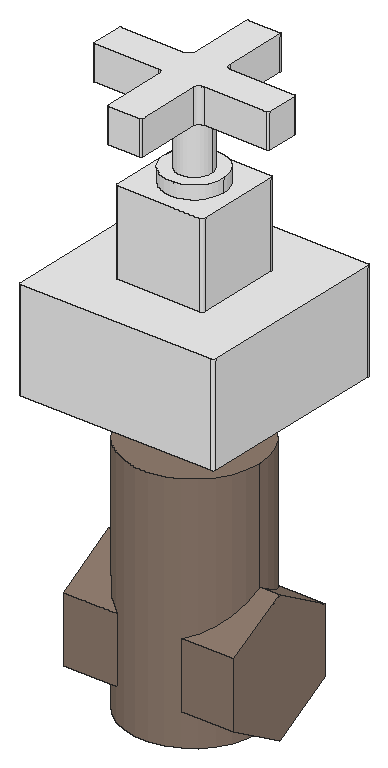
Revit family "Deca_Acabamento para Registro de Gaveta Duna Quadratta_4900.C94.GD", category Plumbing Fixtures, host Face, Revit 2012
Parameters (values of type "4900.C94.GD_Cromado CR10_1 1/2"")
  Vendido Separadamente = ""
  Variações de COR = "Cromado 1 1/4 e 1 1/2  (4900.C94.GD); Gold 1 1/4 e 1 1/2  (4900.D94.GD.GLD)"  # constant formula
  URL = "www.deca.com.br/produtos"
  Symbol [instance] = no
  Segmento = "Luxo"  # constant formula
  Raio Ponto de Agua = 20 mm
  Produto = "Acabamento para registro de gaveta Duna Quadratta"  # constant formula
  Pressão = "2 A 40 mca"  # constant formula
  Peso Liquido (Kg) = 2.96
  Norma = "ABNT NBR 10283: 2003"  # constant formula
  Model = Código  # "4900.C94.GD"
  Material = "Deca_Latão Cromado e Plástico de Engenharia"  # constant formula
  Manufacturer = "Deca"  # constant formula
  Louça/Metais = "Metal"  # constant formula
  Linha = "Duna Quadratta"  # constant formula
  Informações Complementares = ""
  Flow Pressure = 0.00 psi
  Diâmetro Ponto de Agua = Raio Ponto de Agua * 2  # 40 mm
  Description = "Acabamento para registro de gaveta"  # constant formula
  Default Elevation = 0 mm
  Código = "4900.C94.GD"
  Criado por = "Contino/quattroD"  # constant formula
  Consumo = "Varia com a pressão"  # constant formula
  CWFU = 0
  Base de Registro de Gaveta_Family = Deca_Shared_Base de Registro de Gaveta_4900.C94.GD : 4509.502 - DN 40 (1 1/2")
  Base Registro de Gaveta [instance] = yes
  Atendimento ao Cliente = "0800-0117073"  # constant formula
  Assembly Code = "D2020"
  Aprovado por = "Contino/quattroD"  # constant formula
  Acompanha o Produto = ""
  Acabamento de Registro [instance] = yes
  Acabamento = Deca CR10 Cromado Metal
Types (5, lengths in mm): name | Raio Ponto de Agua | Model | Diâmetro Ponto de Agua | Código | Base de Registro de Gaveta_Family | Acabamento
  (no name) | 20 | "4900.C94.GD" | 40 | "4900.C94.GD" | Deca_Shared_Base de Registro de Gaveta_4900.C94.GD : 4509.502 - DN 40 (1 1/2") | Deca CR10 Cromado Metal
  4900.C94.GD_Cromado CR10_1 1/2" | 20 | "4900.C94.GD" | 40 | "4900.C94.GD" | Deca_Shared_Base de Registro de Gaveta_4900.C94.GD : 4509.502 - DN 40 (1 1/2") | Deca CR10 Cromado Metal
  4900.C94.GD_Cromado CR10_1 1/4" | 16 | "4900.C94.GD" | 32 | "4900.C94.GD" | Deca_Shared_Base de Registro de Gaveta_4900.C94.GD : 4509.402 - DN 32 (1 1/4") | Deca CR10 Cromado Metal
  4900.D94.GD.GLD_Gold GLD_1 1/4" | 16 | "4900.D94.GD.GLD" | 32 | "4900.D94.GD.GLD" | Deca_Shared_Base de Registro de Gaveta_4900.C94.GD : 4509.402 - DN 32 (1 1/4") | Deca GLD Gold Metal
  4900.D94.GD.GLD_Gold GLD_1 1/2" | 20 | "4900.D94.GD.GLD" | 40 | "4900.D94.GD.GLD" | Deca_Shared_Base de Registro de Gaveta_4900.C94.GD : 4509.502 - DN 40 (1 1/2") | Deca GLD Gold Metal
Reference planes
  plane 1 "Center (Front/Back)": y = 0
  plane 2: z = 0
  plane 3 "Center (Left/Right)": x = 0
  plane 4 "Left 1": x = -34.5
  plane 5 "Right 1": x = 34.5
  plane 6 "Back 1": y = 34.5
  plane 7 "Front 1": y = -34.5
  plane 8 "Top 1": z = 99.675
Forms (mm)
  Extrusion 1, solid, material "Deca CR10 Cromado Metal" <- "Acabamento", visible <- "Acabamento de Registro"
    sketch origin (0, 0, 0) x (1, 0, 0) y (0, 1, 0)
      loop
        arc (-34.5, -33.5) -> (-34.207, -34.207) -> (-33.5, -34.5) r 1
        line (-33.5, -34.5) -> (33.5, -34.5)
        arc (33.5, -34.5) -> (34.207, -34.207) -> (34.5, -33.5) r 1
        line (34.5, -33.5) -> (34.5, 33.5)
        arc (34.5, 33.5) -> (34.207, 34.207) -> (33.5, 34.5) r 1
        line (33.5, 34.5) -> (-33.5, 34.5)
        arc (-33.5, 34.5) -> (-34.207, 34.207) -> (-34.5, 33.5) r 1
        line (-34.5, 33.5) -> (-34.5, -33.5)
    from 0 to 35
  Extrusion 2, solid, material "Deca CR10 Cromado Metal" <- "Acabamento", visible <- "Acabamento de Registro"
    sketch origin (0, 0, 0) x (1, 0, 0) y (0, 1, 0)
      loop
        arc (-15.5, -14.5) -> (-15.207, -15.207) -> (-14.5, -15.5) r 1
        line (-14.5, -15.5) -> (14.5, -15.5)
        arc (14.5, -15.5) -> (15.207, -15.207) -> (15.5, -14.5) r 1
        line (15.5, -14.5) -> (15.5, 14.5)
        arc (15.5, 14.5) -> (15.207, 15.207) -> (14.5, 15.5) r 1
        line (14.5, 15.5) -> (-14.5, 15.5)
        arc (-14.5, 15.5) -> (-15.207, 15.207) -> (-15.5, 14.5) r 1
        line (-15.5, 14.5) -> (-15.5, -14.5)
    from 35.096 to 64.5
  Extrusion 3, solid, material "Deca CR10 Cromado Metal" <- "Acabamento", visible <- "Acabamento de Registro"
    sketch origin (0, 0, 0) x (1, 0, 0) y (0, 1, 0)
      loop
        circle (0, 0) r 10.5
    from 64.5 to 69
  Extrusion 4, solid, material "Deca CR10 Cromado Metal" <- "Acabamento", visible <- "Acabamento de Registro"
    sketch origin (0, 0, 0) x (1, 0, 0) y (0, 1, 0)
      loop
        circle (0, 0) r 6
    from 69 to 87.675
  Extrusion 5, solid, material "Deca CR10 Cromado Metal" <- "Acabamento", visible <- "Acabamento de Registro"
    sketch origin (0, 0, 0) x (1, 0, 0) y (0, 1, 0)
      loop
        line (-30.402, -6) -> (-8, -6)
        arc (-8, -6) -> (-6.586, -6.586) -> (-6, -8) r 2
        line (-6, -8) -> (-6, -30.402)
        arc (-6, -30.402) -> (-5.825, -30.825) -> (-5.402, -31) r 0.598
        line (-5.402, -31) -> (5.402, -31)
        arc (5.402, -31) -> (5.825, -30.825) -> (6, -30.402) r 0.598
        line (6, -30.402) -> (6, -8)
        arc (6, -8) -> (6.586, -6.586) -> (8, -6) r 2
        line (8, -6) -> (30.402, -6)
        arc (30.402, -6) -> (30.825, -5.825) -> (31, -5.402) r 0.598
        line (31, -5.402) -> (31, 5.402)
        arc (31, 5.402) -> (30.825, 5.825) -> (30.402, 6) r 0.598
        line (30.402, 6) -> (8, 6)
        arc (8, 6) -> (6.586, 6.586) -> (6, 8) r 2
        line (6, 8) -> (6, 30.402)
        arc (6, 30.402) -> (5.825, 30.825) -> (5.402, 31) r 0.598
        line (5.402, 31) -> (-5.402, 31)
        arc (-5.402, 31) -> (-5.825, 30.825) -> (-6, 30.402) r 0.598
        line (-6, 30.402) -> (-6, 8)
        arc (-6, 8) -> (-6.586, 6.586) -> (-8, 6) r 2
        line (-8, 6) -> (-30.402, 6)
        arc (-30.402, 6) -> (-30.825, 5.825) -> (-31, 5.402) r 0.598
        line (-31, 5.402) -> (-31, -5.402)
        arc (-31, -5.402) -> (-30.825, -5.825) -> (-30.402, -6) r 0.598
    from 87.675 to 99.675
Lines and regions (mm)
  Masking region 1, visible <- "Acabamento de Registro"
    outline origin (0, 0, 0) x (1, 0, 0) y (0, 1, 0)
      loop
        arc (-33.5, 34.5) -> (-34.207, 34.207) -> (-34.5, 33.5) r 1
        line (-34.5, 33.5) -> (-34.5, -33.5)
        arc (-34.5, -33.5) -> (-34.207, -34.207) -> (-33.5, -34.5) r 1
        line (-33.5, -34.5) -> (33.5, -34.5)
        arc (33.5, -34.5) -> (34.207, -34.207) -> (34.5, -33.5) r 1
        line (34.5, -33.5) -> (34.5, 33.5)
        arc (34.5, 33.5) -> (34.207, 34.207) -> (33.5, 34.5) r 1
        line (33.5, 34.5) -> (-33.5, 34.5)
  Masking region 2, visible <- "Acabamento de Registro"
    outline origin (0, 0, 0) x (1, 0, 0) y (0, 0, 1)
      loop
        line (-34.5, 34) -> (-34.5, 0) -> (34.5, 0) -> (34.5, 34)
        arc (34.5, 34) -> (34.207, 34.707) -> (33.5, 35) r 1
        line (33.5, 35) -> (17, 35)
        arc (17, 35) -> (15.939, 35.439) -> (15.5, 36.5) r 1.5
        line (15.5, 36.5) -> (15.5, 63.5)
        arc (15.5, 63.5) -> (15.207, 64.207) -> (14.5, 64.5) r 1
        line (14.5, 64.5) -> (10.5, 64.5) -> (10.5, 68.5)
        arc (10.5, 68.5) -> (10.354, 68.854) -> (10, 69) r 0.5
        line (10, 69) -> (6, 69) -> (6, 87.675) -> (30.402, 87.675)
        arc (30.402, 87.675) -> (30.825, 87.85) -> (31, 88.273) r 0.598
        line (31, 88.273) -> (31, 99.077)
        arc (31, 99.077) -> (30.825, 99.5) -> (30.402, 99.675) r 0.598
        line (30.402, 99.675) -> (-30.402, 99.675)
        arc (-30.402, 99.675) -> (-30.825, 99.5) -> (-31, 99.077) r 0.598
        line (-31, 99.077) -> (-31, 88.273)
        arc (-31, 88.273) -> (-30.825, 87.85) -> (-30.402, 87.675) r 0.598
        line (-30.402, 87.675) -> (-6, 87.675) -> (-6, 69) -> (-10, 69)
        arc (-10, 69) -> (-10.354, 68.854) -> (-10.5, 68.5) r 0.5
        line (-10.5, 68.5) -> (-10.5, 64.5) -> (-14.5, 64.5)
        arc (-14.5, 64.5) -> (-15.207, 64.207) -> (-15.5, 63.5) r 1
        line (-15.5, 63.5) -> (-15.5, 36.5)
        arc (-15.5, 36.5) -> (-15.939, 35.439) -> (-17, 35) r 1.5
        line (-17, 35) -> (-33.5, 35)
        arc (-33.5, 35) -> (-34.207, 34.707) -> (-34.5, 34) r 1
  Masking region 3, visible <- "Acabamento de Registro"
    outline origin (0, 0, 0) x (0, 1, 0) y (0, 0, 1)
      loop
        line (33.5, 35) -> (17, 35)
        arc (17, 35) -> (15.939, 35.439) -> (15.5, 36.5) r 1.5
        line (15.5, 36.5) -> (15.5, 63.5)
        arc (15.5, 63.5) -> (15.207, 64.207) -> (14.5, 64.5) r 1
        line (14.5, 64.5) -> (10.5, 64.5) -> (10.5, 68.5)
        arc (10.5, 68.5) -> (10.354, 68.854) -> (10, 69) r 0.5
        line (10, 69) -> (6, 69) -> (6, 87.675) -> (30.334, 87.675)
        arc (30.334, 87.675) -> (30.805, 87.87) -> (31, 88.341) r 0.666
        line (31, 88.341) -> (31, 99.009)
        arc (31, 99.009) -> (30.805, 99.48) -> (30.334, 99.675) r 0.666
        line (30.334, 99.675) -> (-30.334, 99.675)
        arc (-30.334, 99.675) -> (-30.805, 99.48) -> (-31, 99.009) r 0.666
        line (-31, 99.009) -> (-31, 88.341)
        arc (-31, 88.341) -> (-30.805, 87.87) -> (-30.334, 87.675) r 0.666
        line (-30.334, 87.675) -> (-6, 87.675) -> (-6, 69) -> (-10, 69)
        arc (-10, 69) -> (-10.354, 68.854) -> (-10.5, 68.5) r 0.5
        line (-10.5, 68.5) -> (-10.5, 64.5) -> (-14.5, 64.5)
        arc (-14.5, 64.5) -> (-15.207, 64.207) -> (-15.5, 63.5) r 1
        line (-15.5, 63.5) -> (-15.5, 36.5)
        arc (-15.5, 36.5) -> (-15.939, 35.439) -> (-17, 35) r 1.5
        line (-17, 35) -> (-33.5, 35)
        arc (-33.5, 35) -> (-34.207, 34.707) -> (-34.5, 34) r 1
        line (-34.5, 34) -> (-34.5, 0) -> (34.5, 0) -> (34.5, 34)
        arc (34.5, 34) -> (34.207, 34.707) -> (33.5, 35) r 1
  symbolic lines, visible <- "Acabamento de Registro"
    curve 1: line (-5.402, -31, 0) -> (5.402, -31, 0)
    curve 2: arc (-6, -30.402, 0) -> (-5.825, -30.825, 0) -> (-5.402, -31, 0) r 0.598
    curve 3: arc (5.402, -31, 0) -> (5.825, -30.825, 0) -> (6, -30.402, 0) r 0.598
    curve 4: line (6, -30.402, 0) -> (6, -8, 0)
    curve 5: line (-6, -8, 0) -> (-6, -30.402, 0)
    curve 6: arc (-8, -6, 0) -> (-6.586, -6.586, 0) -> (-6, -8, 0) r 2
    curve 7: line (-30.402, -6, 0) -> (-8, -6, 0)
    curve 8: arc (-31, -5.402, 0) -> (-30.825, -5.825, 0) -> (-30.402, -6, 0) r 0.598
    curve 9: line (-31, 5.402, 0) -> (-31, -5.402, 0)
    curve 10: arc (-30.402, 6, 0) -> (-30.825, 5.825, 0) -> (-31, 5.402, 0) r 0.598
    curve 11: line (-8, 6, 0) -> (-30.402, 6, 0)
    curve 12: arc (-6, 8, 0) -> (-6.586, 6.586, 0) -> (-8, 6, 0) r 2
    curve 13: line (-6, 30.402, 0) -> (-6, 8, 0)
    curve 14: arc (-5.402, 31, 0) -> (-5.825, 30.825, 0) -> (-6, 30.402, 0) r 0.598
    curve 15: line (5.402, 31, 0) -> (-5.402, 31, 0)
    curve 16: arc (6, 30.402, 0) -> (5.825, 30.825, 0) -> (5.402, 31, 0) r 0.598
    curve 17: line (6, 8, 0) -> (6, 30.402, 0)
    curve 18: arc (8, 6, 0) -> (6.586, 6.586, 0) -> (6, 8, 0) r 2
    curve 19: line (30.402, 6, 0) -> (8, 6, 0)
    curve 20: arc (31, 5.402, 0) -> (30.825, 5.825, 0) -> (30.402, 6, 0) r 0.598
    curve 21: line (31, -5.402, 0) -> (31, 5.402, 0)
    curve 22: arc (30.402, -6, 0) -> (30.825, -5.825, 0) -> (31, -5.402, 0) r 0.598
    curve 23: line (8, -6, 0) -> (30.402, -6, 0)
    curve 24: arc (6, -8, 0) -> (6.586, -6.586, 0) -> (8, -6, 0) r 2
    curve 25: line (-15.5, 14.5, 0) -> (-15.5, 6, 0)
    curve 26: arc (-14.5, 15.5, 0) -> (-15.207, 15.207, 0) -> (-15.5, 14.5, 0) r 1
    curve 27: line (14.5, 15.5, 0) -> (6, 15.5, 0)
    curve 28: arc (15.5, 14.5, 0) -> (15.207, 15.207, 0) -> (14.5, 15.5, 0) r 1
    curve 29: line (15.5, -14.5, 0) -> (15.5, -6, 0)
    curve 30: arc (14.5, -15.5, 0) -> (15.207, -15.207, 0) -> (15.5, -14.5, 0) r 1
    curve 31: line (-14.5, -15.5, 0) -> (-6, -15.5, 0)
    curve 32: arc (-15.5, -14.5, 0) -> (-15.207, -15.207, 0) -> (-14.5, -15.5, 0) r 1
    curve 33: line (-14.5, -17, 0) -> (-6, -17, 0)
    curve 34: arc (-17, -14.5, 0) -> (-16.268, -16.268, 0) -> (-14.5, -17, 0) r 2.5
    curve 35: line (-17, -14.5, 0) -> (-17, -6, 0)
    curve 36: line (-17, 6, 0) -> (-17, 14.5, 0)
    curve 37: arc (-14.5, 17, 0) -> (-16.268, 16.268, 0) -> (-17, 14.5, 0) r 2.5
    curve 38: line (-14.5, 17, 0) -> (-6, 17, 0)
    curve 39: line (6, 17, 0) -> (14.5, 17, 0)
    curve 40: arc (17, 14.5, 0) -> (16.268, 16.268, 0) -> (14.5, 17, 0) r 2.5
    curve 41: line (17, 6, 0) -> (17, 14.5, 0)
    curve 42: line (17, -6, 0) -> (17, -14.5, 0)
    curve 43: line (6, -17, 0) -> (14.5, -17, 0)
    curve 44: arc (14.5, -17, 0) -> (16.268, -16.268, 0) -> (17, -14.5, 0) r 2.5
    curve 45: line (-15.5, -6, 0) -> (-15.5, -14.5, 0)
    curve 46: line (-6, 15.5, 0) -> (-14.5, 15.5, 0)
    curve 47: line (15.5, 6, 0) -> (15.5, 14.5, 0)
    curve 48: line (6, -15.5, 0) -> (14.5, -15.5, 0)
    curve 49: arc (-6, 8.617, 0) -> (-7.425, 7.425, 0) -> (-8.617, 6, 0) r 10.5
    curve 50: arc (8.617, 6, 0) -> (7.425, 7.425, 0) -> (6, 8.617, 0) r 10.5
    curve 51: arc (6, -8.617, 0) -> (7.425, -7.425, 0) -> (8.617, -6, 0) r 10.5
    curve 52: arc (-8.617, -6, 0) -> (-7.425, -7.425, 0) -> (-6, -8.617, 0) r 10.5
    curve 53: line (-6, 0, 87.675) -> (6, 0, 87.675)
    curve 54: line (-6, 0, 88.256) -> (-6, 0, 99.094)
    curve 55: arc (-6, 0, 99.094) -> (-5.83, 0, 99.505) -> (-5.419, 0, 99.675) r 0.581
    curve 56: arc (-6, 0, 88.256) -> (-5.83, 0, 87.845) -> (-5.419, 0, 87.675) r 0.581
    curve 57: line (6, 0, 88.256) -> (6, 0, 99.094)
    curve 58: arc (6, 0, 99.094) -> (5.83, 0, 99.505) -> (5.419, 0, 99.675) r 0.581
    curve 59: arc (6, 0, 88.256) -> (5.83, 0, 87.845) -> (5.419, 0, 87.675) r 0.581
    curve 60: line (-6, 0, 69) -> (6, 0, 69)
    curve 61: line (-10.5, 0, 64.5) -> (10.5, 0, 64.5)
    curve 62: line (-15.5, 0, 36.5) -> (15.5, 0, 36.5)
    curve 63: line (17, 0, 35) -> (-17, 0, 35)
    curve 64: line (0, -17, 35) -> (0, 17, 35)
    curve 65: line (0, -15.5, 36.5) -> (0, 15.5, 36.5)
    curve 66: line (0, -10.5, 64.5) -> (0, 10.5, 64.5)
    curve 67: line (0, -6, 69) -> (0, 6, 69)
    curve 68: line (0, -6, 87.675) -> (0, 6, 87.675)
    curve 69: line (0, -6, 88.303) -> (0, -6, 99.047)
    curve 70: arc (0, -6, 99.047) -> (0, -5.816, 99.491) -> (0, -5.372, 99.675) r 0.628
    curve 71: arc (0, -6, 88.303) -> (0, -5.816, 87.859) -> (0, -5.372, 87.675) r 0.628
    curve 72: line (0, 6, 88.303) -> (0, 6, 99.047)
    curve 73: arc (0, 6, 99.047) -> (0, 5.816, 99.491) -> (0, 5.372, 99.675) r 0.628
    curve 74: arc (0, 6, 88.303) -> (0, 5.816, 87.859) -> (0, 5.372, 87.675) r 0.628
Dimensions and locks
  plane 8 "Top 1" to host face = 99.675 mm
  host face to plane 8 "Top 1" = 99.675 mm
  plane 4 "Left 1" to plane 5 "Right 1" = 69 mm  (x2)
  plane 7 "Front 1" to plane 6 "Back 1" = 69 mm  (x2)
  aligned and locked: host face to plane 2
  aligned and locked: level to host face
Nested families
  nested 1: "Deca_Shared_Base de Registro de Gaveta_4900.C94.GD" at (-0.3, 0, -78.904), Symbol <- "Symbol", visible <- "Base Registro de Gaveta", type <- "Base de Registro de Gaveta_Family", type "4509.502 - DN 40 (1 1/2")"
    with built-in parameter 1114242 1, Symbol no
Connectors
  piping at (30, 0, -78.904), driven by "Raio Ponto de Agua", driven by "Flow Pressure"
    settings: on nested 1, index 1, connector radius 0.7874", flow factor 0, pipe flow 0 GPM, pressure drop 0.00 psi, fitting loss kfactor 0, connector angle 0.00°, fixture units 0, engagement length 0 mm, flow configuration 3, flow direction 0, fitting loss method 4, system type 29, joint type 0, gender type 0, connector reference index -1, connector utility 0, adjustable connector no, is connector primary yes, fitting loss table "", connector description ""
  piping at (-30, 0, -78.904), driven by "Raio Ponto de Agua", driven by "Flow Pressure"
    settings: on nested 1, index 2, connector radius 0.7874", flow factor 0, pipe flow 0 GPM, pressure drop 0.00 psi, fitting loss kfactor 0, connector angle 0.00°, fixture units 0, engagement length 0 mm, flow configuration 3, flow direction 0, fitting loss method 4, system type 29, joint type 0, gender type 0, connector reference index -1, connector utility 0, adjustable connector no, is connector primary no, fitting loss table "", connector description ""
Definition of nested family "Deca_Shared_Base de Registro de Gaveta_4900.C94.GD"
  Parameters (values of type "4509.102 - DN 15 (1/2")")
    Vendido Separadamente = "Não Aplicável"  # constant formula
    Variações de COR = "1/2'' a 1''1/4"  # constant formula
    built-in parameter 1114242 [instance] = 1
    Topo = Deca BR13 Bronze Bruto Metal
    Segmento = "Básicos"  # constant formula
    Symbol [instance] = yes
    Raio Ponto de Agua = 6.4 mm
    Radius Side = DN / 2  # 7.5 mm
    Produto = "Base de registro de gaveta 1/2\""
    Peso Liquido (Kg) = 0.294
    Norma = "NBR 15705"  # constant formula
    Mín = 32 mm
    Max = 42 mm
    Material = "Bronze Fundido e Plásticos de Engenharia"  # constant formula
    Louça/Metais = "Metais"  # constant formula
    Linha = "-"  # constant formula
    K Coefficient = 0
    Informações Complementares = "Alta durabilidade e resistência; Passagem plena."  # constant formula
    Flow Pressure = 0.00 psi
    Fabricante = "Deca"  # constant formula
    Diâmetro Ponto de Agua = Raio Ponto de Agua * 2  # 12.8 mm
    Descrição = "Base de registro de gaveta"  # constant formula
    DN = 15 mm
    Código = "4509.102"
    Criador por = "Contino/quattroD"  # constant formula
    Corpo = Deca BR13 Bronze Bruto Metal
    URL = "www.deca.com.br"
    Model = Código  # "4509.102"
    Manufacturer = Fabricante  # "Deca"
    Description = Descrição  # "Base de registro de gaveta"
    B = 96 mm
    Atendimento ao Cliente = "0800-0117073"  # constant formula
    Assembly Code = ""
    Aprovado por = "Contino/quattroD"  # constant formula
    Acompanha o Produto = "Não Aplicável"  # constant formula
    A = 40 mm
  Types (5, lengths in mm): name | Raio Ponto de Agua | Radius Side | Produto | Peso Liquido (Kg) | Mín | Max | Diâmetro Ponto de Agua | DN | Código | Model | B | A
    4509.102 - DN 15 (1/2") | 6.4 | 7.5 | "Base de registro de gaveta 1/2\"" | 0.294 | 32 | 42 | 12.8 | 15 | "4509.102" | "4509.102" | 96 | 40
    4509.202 - DN 20 (3/4") | 9.5 | 10 | "Base de registro de gaveta 3/4\"" | 0.408 | 36 | 46 | 19 | 20 | "4509.202" | "4509.202" | 100 | 52
    4509.302 - DN 25 (1") | 12.3 | 12.5 | "Base de registro de gaveta 1\"" | 0.53 | 49 | 59 | 24.6 | 25 | "4509.302" | "4509.302" | 114 | 52
    4509.502 - DN 40 (1 1/2") | 19.1 | 20 | "Base de registro de gaveta 1.1/2\"" | 0.833 | 62 | 52 | 38.2 | 40 | "4509.502" | "4509.502" | 139 | 60
    4509.402 - DN 32 (1 1/4") | 15.9 | 16 | "Base de registro de gaveta 1.1/4\"" | 0.834 | 48 | 58 | 31.8 | 32 | "4509.402" | "4509.402" | 135 | 60
  Reference planes
    plane 1 "Center (Front/Back)": y = 0
    plane 2: z = 0
    plane 3 "Center (Left/Right)": x = 0.3
    plane 4 "Left 2": x = -19.7
    plane 5: through (11.528, 0, 0) normal (0, 0.5, -0.866)
    plane 6: through (11.528, 30.068, 26.02) normal (0, -0.5, 0.866)
    plane 7: through (11.528, 0, 0) normal (0, 0.5, 0.866)
    plane 8: through (11.528, 13.865, 0.655) normal (0, 0.5, 0.866)
    plane 9: through (11.528, 0, 0) normal (0, -0.5, -0.866)
    plane 10: through (11.528, 30.068, -26.02) normal (0, 0.5, 0.866)
    plane 11: through (11.528, 0, 0) normal (0, -0.5, 0.866)
    plane 12: through (11.528, 13.865, -0.655) normal (0, -0.5, 0.866)
    plane 13 "Right 2": x = 20.3
    plane 14 "Top 1": z = 32
    plane 15 "Right 1": x = 13.3
    plane 16 "Left 1": x = -12.7
    plane 17 "Top 2": z = 96
  Forms (mm)
    Extrusion 1, solid, material "Deca BR13 Bronze Bruto Metal" <- "Corpo"
      sketch origin (0, 134.427, 73.647) x (0, 1, 0) y (0, 0, 1)
        loop
          line (-126.927, -69.317) -> (-134.427, -64.987) -> (-141.927, -69.317) -> (-141.927, -77.977) -> (-134.427, -82.307) -> (-126.927, -77.977) -> (-126.927, -69.317)
      from -19.7 to 20.3
    Extrusion 2, solid, material "Deca BR13 Bronze Bruto Metal" <- "Corpo"
      sketch origin (0, 0, 0) x (1, 0, 0) y (0, 1, 0)
        loop
          circle (0.3, 0) r 13
      from -8.66 to 32
    Extrusion 3, solid, material "Deca BR13 Bronze Bruto Metal" <- "Topo"
      sketch origin (0, 0, 0) x (1, 0, 0) y (0, 1, 0)
        loop
          circle (0.3, 0) r 4
      from 32 to 96
  Dimensions and locks
    "Radius Side": plane 6 to plane 5
    "Radius Side": plane 8 to plane 7
    "Radius Side": plane 10 to plane 9
    "Radius Side": plane 12 to plane 11
    "A": plane 4 "Left 2" to plane 13 "Right 2"
    equal spacing: plane 13 "Right 2", plane 3 "Center (Left/Right)", plane 4 "Left 2"
    "Mín": plane 14 "Top 1" to level
    locked: plane 13 "Right 2" to plane 15 "Right 1" at 7
    equal spacing: plane 16 "Left 1", plane 3 "Center (Left/Right)", plane 15 "Right 1"
    plane 4 "Left 2" to plane 13 "Right 2" = 40 mm
    "B": plane 17 "Top 2" to level
    aligned and locked: plane 4 "Left 2" to Extrusion 1
    aligned and locked: plane 13 "Right 2" to Extrusion 1
    aligned and locked: Extrusion 1 to Extrusion 2
    aligned and locked: plane 15 "Right 1" to Extrusion 2 sketch curve
    aligned and locked: plane 14 "Top 1" to Extrusion 2
    aligned and locked: Extrusion 3 to plane 14 "Top 1"
    aligned and locked: plane 17 "Top 2" to Extrusion 3
  Automatic sketch dimensions
    Extrusion 1 sketch curve to plane 5 = 0 mm
    plane 10 to Extrusion 1 sketch curve = 0 mm  (x2)
    Extrusion 1 sketch curve to plane 1 "Center (Front/Back)" = 0 mm  (x2)
    plane 7 to Extrusion 1 sketch curve = 0 mm
    plane 12 to Extrusion 1 sketch curve = 0 mm
    plane 5 to Extrusion 1 sketch curve = 0 mm
    Extrusion 1 sketch curve to plane 6 = 0 mm  (x2)
    plane 1 "Center (Front/Back)" to Extrusion 2 sketch curve = 0 mm
    Extrusion 2 sketch curve to plane 3 "Center (Left/Right)" = 0 mm
    plane 1 "Center (Front/Back)" to Extrusion 3 sketch curve = 0 mm
    Extrusion 3 sketch curve to plane 3 "Center (Left/Right)" = 0 mm
    radius of Extrusion 3 sketch curve = 4 mm
  Nested families
    nested 1: "Symbol" at (0.3, 0, 0), visible <- "Symbol", type "Symbol"
  Connectors
    piping at (20.3, 0, 0), driven by "Raio Ponto de Agua", driven by "Flow Pressure"
      settings: on Extrusion 1, index 3, connector radius 0.25197", flow factor 0, pipe flow 0 GPM, pressure drop 0.00 psi, fitting loss kfactor 0, connector angle 0.00°, fixture units 0, engagement length 0 mm, flow configuration 0, flow direction 0, fitting loss method 4, system type 29, joint type 0, gender type 0, connector reference index -1, connector utility 0, adjustable connector no, is connector primary yes, fitting loss table "", connector description ""
    piping at (-19.7, 0, 0), driven by "Raio Ponto de Agua"
      settings: on Extrusion 1, index 4, connector radius 0.25197", flow factor 0, pipe flow 0 GPM, pressure drop 0.00 psi, fitting loss kfactor 0, connector angle 0.00°, fixture units 0, engagement length 0 mm, flow configuration 0, flow direction 0, fitting loss method 4, system type 29, joint type 0, gender type 0, connector reference index -1, connector utility 0, adjustable connector no, is connector primary no, fitting loss table "", connector description ""
  Definition of nested family "Symbol"
    Reference planes
      plane 1: y = 0
      plane 2: x = 0
    Lines and regions (mm)
      detail lines, style "Centerline"
        curve 1: line (0, 1.651, 0) -> (0, -3.349, 0)
        curve 2: line (0, -3.349, 0) -> (-2.5, -3.349, 0)
        curve 3: circle (0, 0, 0) r 1.651 normal (0, 0, 1)
      detail lines
        curve 4: line (2.5, 1.651, 0) -> (2.5, -1.651, 0)
        curve 5: line (-2.5, 1.651, 0) -> (-2.5, -1.651, 0)
